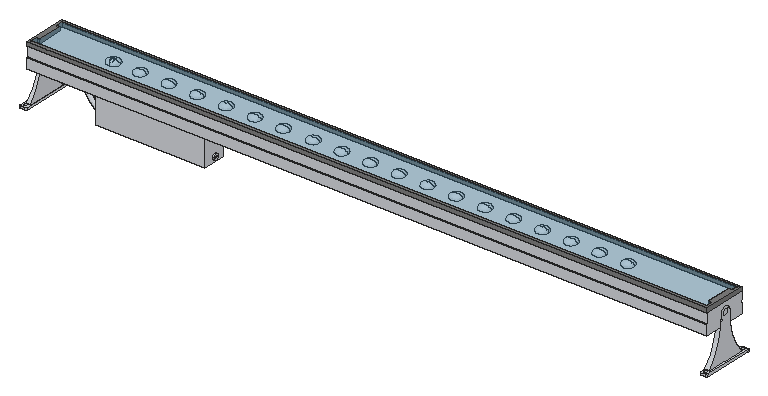
Revit family "SUPER LINEAL RGBW 100CM_LKA1220.22", category Luminarias, Revit 2019
Family settings
  Cota de conector redondo = Diámetro de uso
  Tipo de pieza = Normal
  Se basa en plano de trabajo = Sí
  Siempre vertical = No
  Corte con vacíos al cargar = No
  Origen de luz = Sí
  Compartido = No
  Punto de cálculo de habitación = No
Parameters (values of type "REFL_LKA1220.22")
  Ángulo de inclinación = 22.00°
  Ángulo de enfoque = 22.00°
  Ángulo de campo de foco = 22.00°
  Zone [instance] = ""
  Watt per fixture = 96
  Wattage = 96 W
  built-in parameter 1150107 = 3000 (stored number, unit not read)
  built-in parameter 1150110 = 1 (stored number, unit not read)
  built-in parameter 1150109 = 1 (stored number, unit not read)
  built-in parameter 1150112 = 1 (stored number, unit not read)
  built-in parameter 1150113 = 1 (stored number, unit not read)
  built-in parameter 1114218 = 1 (stored number, unit not read)
  Keynote = ""
  built-in parameter 1150137 = (empty or 0)
  built-in parameter 1150132 = (empty or 0)
  Modelo = "LKA1220.22"
  Lámpara = "OSRAM"
  Longitud de símbolo de origen de luz = 500 mm
  Longitud de línea de emisión = 1000 mm
  built-in parameter 1150105 = 171064.1 (stored number, unit not read)
  built-in parameter 1150102 = (empty or 0)
  built-in parameter 1150106 = 1710.6 (stored number, unit not read)
  Lumens = 14260 lm
  Color Filter = 16777215
  built-in parameter 1114217 = 1 (stored number, unit not read)
  built-in parameter 1150139 = (empty or 0)
  Fabricante = "BRILLANT"
  Default Elevation = 0 mm
  built-in parameter 1150104 = 13.8 (stored number, unit not read)
  Descripción = "LUMINARIA TIPO REFLECTOR LINEAL, WALL WASHER , CUERPO DE ALUMINIO EXTRUIDO CON POLVO GRIS, VIDRIO TEMPLADO DE 3MM ADEMAS DEL SELLADO CON SILICON EN VIDRIO Y HOUSING, CUENTA CON 20 LED TIPO R=1000mA G=1000mA B=1000Ma W=1000mA  CON UN CONSUMO TOTAL DE 96W, 3523 LUMENES, RGBW, IP 65, IK 05, CABLE H05RN DE 0.5M, APERTURA EN STOCK DE 22 GRADOS, ALIMENTADA A 24V. REQUIERE ACCESORIOS."
  built-in parameter 1150115 = 1 (stored number, unit not read)
  built-in parameter 1150114 = 1 (stored number, unit not read)
  Comentarios de vataje = "24V"
  built-in parameter 1150138 = (empty or 0)
  built-in parameter 1150134 = (empty or 0)
  Circuit [instance] = ""
  Dimming Lamp Color Temperature Shift = 1
  built-in parameter 1150133 = 10 (stored number, unit not read)
Reference planes
  plane 1 "Centro (Frontal/Posterior)": y = 0
  plane 2: z = 0
  plane 3 "Centro (Izquierda/Derecha)": x = 0
  plane 4: x = -500
  plane 5: x = 500
  plane 6: z = 86
  plane 7: z = 3
  plane 8: x = 0
Forms (mm)
  Extrusion 1, solid
    sketch origin (0, 0, 0) x (1, 0, 0) y (0, 1, 0)
      loop
        arc (-495.182, -38.75) -> (-493.931, -38.232) -> (-493.412, -36.98) r 1.77
        line (-493.412, -36.98) -> (-493.412, 36.98)
        arc (-493.412, 36.98) -> (-493.931, 38.232) -> (-495.182, 38.75) r 1.77
        line (-495.182, 38.75) -> (-501.643, 38.75)
        arc (-501.643, 38.75) -> (-502.894, 38.232) -> (-503.412, 36.98) r 1.77
        line (-503.412, 36.98) -> (-503.412, -36.98)
        arc (-503.412, -36.98) -> (-502.894, -38.232) -> (-501.643, -38.75) r 1.77
        line (-501.643, -38.75) -> (-495.182, -38.75)
      loop
        circle (-498.412, -33.75) r 2.617
      loop
        circle (-498.412, 33.75) r 2.617
      loop
        line (495.182, -38.75) -> (501.643, -38.75)
        arc (501.643, -38.75) -> (502.894, -38.232) -> (503.412, -36.98) r 1.77
        line (503.412, -36.98) -> (503.412, 36.98)
        arc (503.412, 36.98) -> (502.894, 38.232) -> (501.643, 38.75) r 1.77
        line (501.643, 38.75) -> (495.182, 38.75)
        arc (495.182, 38.75) -> (493.931, 38.232) -> (493.412, 36.98) r 1.77
        line (493.412, 36.98) -> (493.412, -36.98)
        arc (493.412, -36.98) -> (493.931, -38.232) -> (495.182, -38.75) r 1.77
      loop
        circle (498.412, -33.75) r 2.617
      loop
        circle (498.412, 33.75) r 2.617
    from 0 to 3
  Extrusion 2, solid
    sketch origin (0, 0, 57.505) x (0, -1, 0) y (0, 0, -1)
      loop
        circle (0, -9.725) r 5
      loop
        arc (-7.232, -9.725) -> (0, -16.957) -> (7.232, -9.725) r 7.232
        arc (7.232, -9.725) -> (12.387, 24.386) -> (29.21, 54.505) r 96.512
        line (29.21, 54.505) -> (0.469, 54.505) -> (0.469, 19.505) -> (-0.469, 19.505) -> (-0.469, 54.505) -> (-29.21, 54.505)
        arc (-29.21, 54.505) -> (-12.387, 24.386) -> (-7.232, -9.725) r 96.512
    from 493.412 to 500
  Extrusion 3, solid, material "Cristal"
    sketch origin (0, 0, 0) x (1, 0, 0) y (0, 1, 0)
      loop
        line (-495, 28.5) -> (-495, 18.5) -> (-490, 18.5) -> (-490, -18.5) -> (-495, -18.5) -> (-495, -28.5) -> (495, -28.5) -> (495, -18.5) -> (490, -18.5) -> (490, 18.5) -> (495, 18.5) -> (495, 28.5) -> (-495, 28.5)
    from 86 to 85.337
  Revolve 4, solid
    sketch origin (0, 0, 1.84) x (1, 0, 0) y (0, 0, 1)
      loop
        line (105.714, 83.128) -> (105.714, 78.128) -> (114.371, 78.128)
        spline (114.371, 78.128) -> (114.297, 78.781) -> (114.076, 79.422) -> (113.712, 80.042) -> (113.211, 80.628) -> (112.582, 81.172) -> (111.835, 81.664) -> (110.984, 82.095) -> (110.043, 82.458) -> (109.027, 82.748) -> (107.955, 82.958) -> (106.844, 83.085) -> (105.714, 83.128)
      axis (105.714, 78.128) -> (105.714, 83.128)
    angle from 0 to 360
  Revolve 5, solid
    sketch origin (-42, 0, 1.84) x (1, 0, 0) y (0, 0, 1)
      loop
        line (105.714, 83.128) -> (105.714, 78.128) -> (114.371, 78.128)
        spline (114.371, 78.128) -> (114.297, 78.781) -> (114.076, 79.422) -> (113.712, 80.042) -> (113.211, 80.628) -> (112.582, 81.172) -> (111.835, 81.664) -> (110.984, 82.095) -> (110.043, 82.458) -> (109.027, 82.748) -> (107.955, 82.958) -> (106.844, 83.085) -> (105.714, 83.128)
      axis (105.714, 78.128) -> (105.714, 83.128)
    angle from 0 to 360
  Revolve 6, solid
    sketch origin (-84, 0, 1.84) x (1, 0, 0) y (0, 0, 1)
      loop
        line (105.714, 83.128) -> (105.714, 78.128) -> (114.371, 78.128)
        spline (114.371, 78.128) -> (114.297, 78.781) -> (114.076, 79.422) -> (113.712, 80.042) -> (113.211, 80.628) -> (112.582, 81.172) -> (111.835, 81.664) -> (110.984, 82.095) -> (110.043, 82.458) -> (109.027, 82.748) -> (107.955, 82.958) -> (106.844, 83.085) -> (105.714, 83.128)
      axis (105.714, 78.128) -> (105.714, 83.128)
    angle from 0 to 360
  Revolve 7, solid
    sketch origin (-126, 0, 1.84) x (1, 0, 0) y (0, 0, 1)
      loop
        line (105.714, 83.128) -> (105.714, 78.128) -> (114.371, 78.128)
        spline (114.371, 78.128) -> (114.297, 78.781) -> (114.076, 79.422) -> (113.712, 80.042) -> (113.211, 80.628) -> (112.582, 81.172) -> (111.835, 81.664) -> (110.984, 82.095) -> (110.043, 82.458) -> (109.027, 82.748) -> (107.955, 82.958) -> (106.844, 83.085) -> (105.714, 83.128)
      axis (105.714, 78.128) -> (105.714, 83.128)
    angle from 0 to 360
  Revolve 8, solid
    sketch origin (-168, 0, 1.84) x (1, 0, 0) y (0, 0, 1)
      loop
        line (105.714, 83.128) -> (105.714, 78.128) -> (114.371, 78.128)
        spline (114.371, 78.128) -> (114.297, 78.781) -> (114.076, 79.422) -> (113.712, 80.042) -> (113.211, 80.628) -> (112.582, 81.172) -> (111.835, 81.664) -> (110.984, 82.095) -> (110.043, 82.458) -> (109.027, 82.748) -> (107.955, 82.958) -> (106.844, 83.085) -> (105.714, 83.128)
      axis (105.714, 78.128) -> (105.714, 83.128)
    angle from 0 to 360
  Revolve 9, solid
    sketch origin (-210, 0, 1.84) x (1, 0, 0) y (0, 0, 1)
      loop
        line (105.714, 83.128) -> (105.714, 78.128) -> (114.371, 78.128)
        spline (114.371, 78.128) -> (114.297, 78.781) -> (114.076, 79.422) -> (113.712, 80.042) -> (113.211, 80.628) -> (112.582, 81.172) -> (111.835, 81.664) -> (110.984, 82.095) -> (110.043, 82.458) -> (109.027, 82.748) -> (107.955, 82.958) -> (106.844, 83.085) -> (105.714, 83.128)
      axis (105.714, 78.128) -> (105.714, 83.128)
    angle from 0 to 360
  Extrusion 10, solid
    sketch origin (-88.161, 0, 0) x (1, 0, 0) y (0, 1, 0)
      loop
        circle (-352, 0) r 7.477
    from 46.607 to 49.683
  Extrusion 11, solid
    sketch origin (-338.161, 0, 0) x (1, 0, 0) y (0, 1, 0)
      loop
        line (-102, 7.477) -> (-108.476, 3.739) -> (-108.476, -3.739) -> (-102, -7.477) -> (-95.524, -3.739) -> (-95.524, 3.739) -> (-102, 7.477)
    from 43.841 to 46.607
  Extrusion 12, solid
    sketch origin (0, 0, 0) x (1, 0, 0) y (0, 1, 0)
      loop
        line (-498.412, 32.016) -> (-498.412, -32.654) -> (498.545, -32.654) -> (498.545, 32.016) -> (-498.412, 32.016)
    from 49.683 to 79.969
  Revolve 13, solid
    sketch origin (-252, 0, 1.84) x (1, 0, 0) y (0, 0, 1)
      loop
        line (-144.286, 83.128) -> (-144.286, 78.128) -> (-135.629, 78.128)
        spline (-135.629, 78.128) -> (-135.703, 78.781) -> (-135.924, 79.422) -> (-136.288, 80.042) -> (-136.789, 80.628) -> (-137.418, 81.172) -> (-138.165, 81.664) -> (-139.016, 82.095) -> (-139.957, 82.458) -> (-140.973, 82.748) -> (-142.045, 82.958) -> (-143.156, 83.085) -> (-144.286, 83.128)
      axis (-144.286, 78.128) -> (-144.286, 83.128)
    angle from 0 to 360
  Extrusion 14, void
    sketch origin (0, 0, 0) x (0, 1, 0) y (0, 0, 1)
      loop
        line (-32.654, 79.969) -> (-32.654, 64.191) -> (-29.884, 64.191) -> (-29.884, 79.969) -> (-32.654, 79.969)
      loop
        line (32.654, 69.191) -> (29.884, 69.191) -> (29.884, 64.191) -> (32.654, 64.191) -> (32.654, 69.191)
    from -500 to 500
  Extrusion 15, solid
    sketch origin (0, 0, 57.505) x (0, -1, 0) y (0, 0, 1)
      loop
        circle (0, 9.725) r 5
      loop
        arc (-7.232, 9.725) -> (-12.387, -24.386) -> (-29.21, -54.505) r 96.512
        line (-29.21, -54.505) -> (-0.469, -54.505) -> (-0.469, -19.505) -> (0.469, -19.505) -> (0.469, -54.505) -> (29.21, -54.505)
        arc (29.21, -54.505) -> (12.387, -24.386) -> (7.232, 9.725) r 96.512
        arc (7.232, 9.725) -> (0, 16.957) -> (-7.232, 9.725) r 7.232
    from 495 to 500
  Extrusion 16, solid
    sketch origin (0, 0, 0) x (1, 0, 0) y (0, 1, 0)
      loop
        line (-409.783, 16) -> (-409.783, -16) -> (-249.976, -16) -> (-249.976, 16) -> (-409.783, 16)
    from 0 to 39.513
  Extrusion 17, void
    sketch origin (0, 0, 0) x (1, 0, 0) y (0, 1, 0)
      loop
        line (-409.783, 12.695) -> (-409.783, 11.445) -> (-361.686, 11.445) -> (-361.686, 12.695) -> (-409.783, 12.695)
      loop
        line (-409.783, 8.945) -> (-409.783, 7.695) -> (-361.686, 7.695) -> (-361.686, 8.945) -> (-409.783, 8.945)
      loop
        line (-409.783, 5.195) -> (-409.783, 3.945) -> (-361.686, 3.945) -> (-361.686, 5.195) -> (-409.783, 5.195)
      loop
        line (-409.783, -12.695) -> (-361.686, -12.695) -> (-361.686, -11.445) -> (-409.783, -11.445) -> (-409.783, -12.695)
      loop
        line (-409.783, -8.945) -> (-361.686, -8.945) -> (-361.686, -7.695) -> (-409.783, -7.695) -> (-409.783, -8.945)
      loop
        line (-409.783, -5.195) -> (-361.686, -5.195) -> (-361.686, -3.945) -> (-409.783, -3.945) -> (-409.783, -5.195)
      loop
        line (-249.976, 12.695) -> (-298.073, 12.695) -> (-298.073, 11.445) -> (-249.976, 11.445) -> (-249.976, 12.695)
      loop
        line (-249.976, 8.945) -> (-298.073, 8.945) -> (-298.073, 7.695) -> (-249.976, 7.695) -> (-249.976, 8.945)
      loop
        line (-249.976, 5.195) -> (-298.073, 5.195) -> (-298.073, 3.945) -> (-249.976, 3.945) -> (-249.976, 5.195)
      loop
        line (-249.976, -12.695) -> (-249.976, -11.445) -> (-298.073, -11.445) -> (-298.073, -12.695) -> (-249.976, -12.695)
      loop
        line (-249.976, -8.945) -> (-249.976, -7.695) -> (-298.073, -7.695) -> (-298.073, -8.945) -> (-249.976, -8.945)
      loop
        line (-249.976, -5.195) -> (-249.976, -3.945) -> (-298.073, -3.945) -> (-298.073, -5.195) -> (-249.976, -5.195)
    from 37.886 to 39.513
  Extrusion 18, solid
    sketch origin (0, 0, 0) x (0, 1, 0) y (0, 0, 1)
      loop
        circle (0, 8.771) r 3.442
      loop
        line (2.746, 10.356) -> (0, 11.942) -> (-2.746, 10.356) -> (-2.746, 7.185) -> (0, 5.6) -> (2.746, 7.185) -> (2.746, 10.356)
    from -413.671 to -409.783
  Extrusion 19, solid
    sketch origin (-374.541, 0, 0) x (0, 1, 0) y (0, 0, -1)
      loop
        circle (0, -8.771) r 3.442
      loop
        line (2.746, -10.356) -> (2.746, -7.185) -> (0, -5.6) -> (-2.746, -7.185) -> (-2.746, -10.356) -> (0, -11.942) -> (2.746, -10.356)
    from -128.252 to -124.565
  Sweep 20, solid
    path origin (15.428, 0, 13.216) x (1, 0, 0) y (0, 0, 1)
      loop
        arc (-438.601, 37.696) -> (-433.417, 21.627) -> (-420.773, 10.436) r 31.987
    profile origin (-417.989, 0, 34.843) x (0.836903, 0, 0.547351) y (0, -1, 0)
      loop
        circle (-16.782, 0) r 3.712
  Extrusion 21, solid, material "Aluminio"
    sketch origin (0, 0, 0) x (1, 0, 0) y (0, 1, 0)
      loop
        line (-498.412, 32.016) -> (-498.412, -32.654) -> (498.545, -32.654) -> (498.545, 32.016) -> (-498.412, 32.016)
      loop
        line (-495, 28.5) -> (-495, 18.5) -> (-490, 18.5) -> (-490, -18.5) -> (-495, -18.5) -> (-495, -28.5) -> (495, -28.5) -> (495, -18.5) -> (490, -18.5) -> (490, 18.5) -> (495, 18.5) -> (495, 28.5) -> (-495, 28.5)
    from 79.969 to 86
  Revolve 22, solid
    sketch origin (84, 0, 1.84) x (1, 0, 0) y (0, 0, 1)
      loop
        line (105.714, 83.128) -> (105.714, 78.128) -> (114.371, 78.128)
        spline (114.371, 78.128) -> (114.297, 78.781) -> (114.076, 79.422) -> (113.712, 80.042) -> (113.211, 80.628) -> (112.582, 81.172) -> (111.835, 81.664) -> (110.984, 82.095) -> (110.043, 82.458) -> (109.027, 82.748) -> (107.955, 82.958) -> (106.844, 83.085) -> (105.714, 83.128)
      axis (105.714, 78.128) -> (105.714, 83.128)
    angle from 0 to 360
  Revolve 23, solid
    sketch origin (42, 0, 1.84) x (1, 0, 0) y (0, 0, 1)
      loop
        line (105.714, 83.128) -> (105.714, 78.128) -> (114.371, 78.128)
        spline (114.371, 78.128) -> (114.297, 78.781) -> (114.076, 79.422) -> (113.712, 80.042) -> (113.211, 80.628) -> (112.582, 81.172) -> (111.835, 81.664) -> (110.984, 82.095) -> (110.043, 82.458) -> (109.027, 82.748) -> (107.955, 82.958) -> (106.844, 83.085) -> (105.714, 83.128)
      axis (105.714, 78.128) -> (105.714, 83.128)
    angle from 0 to 360
  Revolve 24, solid
    sketch origin (168, 0, 1.84) x (1, 0, 0) y (0, 0, 1)
      loop
        line (105.714, 83.128) -> (105.714, 78.128) -> (114.371, 78.128)
        spline (114.371, 78.128) -> (114.297, 78.781) -> (114.076, 79.422) -> (113.712, 80.042) -> (113.211, 80.628) -> (112.582, 81.172) -> (111.835, 81.664) -> (110.984, 82.095) -> (110.043, 82.458) -> (109.027, 82.748) -> (107.955, 82.958) -> (106.844, 83.085) -> (105.714, 83.128)
      axis (105.714, 78.128) -> (105.714, 83.128)
    angle from 0 to 360
  Revolve 25, solid
    sketch origin (126, 0, 1.84) x (1, 0, 0) y (0, 0, 1)
      loop
        line (105.714, 83.128) -> (105.714, 78.128) -> (114.371, 78.128)
        spline (114.371, 78.128) -> (114.297, 78.781) -> (114.076, 79.422) -> (113.712, 80.042) -> (113.211, 80.628) -> (112.582, 81.172) -> (111.835, 81.664) -> (110.984, 82.095) -> (110.043, 82.458) -> (109.027, 82.748) -> (107.955, 82.958) -> (106.844, 83.085) -> (105.714, 83.128)
      axis (105.714, 78.128) -> (105.714, 83.128)
    angle from 0 to 360
  Revolve 26, solid
    sketch origin (252, 0, 1.84) x (1, 0, 0) y (0, 0, 1)
      loop
        line (105.714, 83.128) -> (105.714, 78.128) -> (114.371, 78.128)
        spline (114.371, 78.128) -> (114.297, 78.781) -> (114.076, 79.422) -> (113.712, 80.042) -> (113.211, 80.628) -> (112.582, 81.172) -> (111.835, 81.664) -> (110.984, 82.095) -> (110.043, 82.458) -> (109.027, 82.748) -> (107.955, 82.958) -> (106.844, 83.085) -> (105.714, 83.128)
      axis (105.714, 78.128) -> (105.714, 83.128)
    angle from 0 to 360
  Revolve 27, solid
    sketch origin (210, 0, 1.84) x (1, 0, 0) y (0, 0, 1)
      loop
        line (105.714, 83.128) -> (105.714, 78.128) -> (114.371, 78.128)
        spline (114.371, 78.128) -> (114.297, 78.781) -> (114.076, 79.422) -> (113.712, 80.042) -> (113.211, 80.628) -> (112.582, 81.172) -> (111.835, 81.664) -> (110.984, 82.095) -> (110.043, 82.458) -> (109.027, 82.748) -> (107.955, 82.958) -> (106.844, 83.085) -> (105.714, 83.128)
      axis (105.714, 78.128) -> (105.714, 83.128)
    angle from 0 to 360
  Revolve 28, solid
    sketch origin (-42, 0, 1.84) x (-1, 0, 0) y (0, 0, 1)
      loop
        line (355.714, 83.128) -> (355.714, 78.128) -> (364.371, 78.128)
        spline (364.371, 78.128) -> (364.297, 78.781) -> (364.076, 79.422) -> (363.712, 80.042) -> (363.211, 80.628) -> (362.582, 81.172) -> (361.835, 81.664) -> (360.984, 82.095) -> (360.043, 82.458) -> (359.027, 82.748) -> (357.955, 82.958) -> (356.844, 83.085) -> (355.714, 83.128)
      axis (355.714, 78.128) -> (355.714, 83.128)
    angle from 0 to 360
  Revolve 29, solid
    sketch origin (-84, 0, 1.84) x (-1, 0, 0) y (0, 0, 1)
      loop
        line (105.714, 83.128) -> (105.714, 78.128) -> (114.371, 78.128)
        spline (114.371, 78.128) -> (114.297, 78.781) -> (114.076, 79.422) -> (113.712, 80.042) -> (113.211, 80.628) -> (112.582, 81.172) -> (111.835, 81.664) -> (110.984, 82.095) -> (110.043, 82.458) -> (109.027, 82.748) -> (107.955, 82.958) -> (106.844, 83.085) -> (105.714, 83.128)
      axis (105.714, 78.128) -> (105.714, 83.128)
    angle from 0 to 360
  Revolve 30, solid
    sketch origin (-42, 0, 1.84) x (-1, 0, 0) y (0, 0, 1)
      loop
        line (105.714, 83.128) -> (105.714, 78.128) -> (114.371, 78.128)
        spline (114.371, 78.128) -> (114.297, 78.781) -> (114.076, 79.422) -> (113.712, 80.042) -> (113.211, 80.628) -> (112.582, 81.172) -> (111.835, 81.664) -> (110.984, 82.095) -> (110.043, 82.458) -> (109.027, 82.748) -> (107.955, 82.958) -> (106.844, 83.085) -> (105.714, 83.128)
      axis (105.714, 78.128) -> (105.714, 83.128)
    angle from 0 to 360
  Revolve 31, solid
    sketch origin (-168, 0, 1.84) x (-1, 0, 0) y (0, 0, 1)
      loop
        line (105.714, 83.128) -> (105.714, 78.128) -> (114.371, 78.128)
        spline (114.371, 78.128) -> (114.297, 78.781) -> (114.076, 79.422) -> (113.712, 80.042) -> (113.211, 80.628) -> (112.582, 81.172) -> (111.835, 81.664) -> (110.984, 82.095) -> (110.043, 82.458) -> (109.027, 82.748) -> (107.955, 82.958) -> (106.844, 83.085) -> (105.714, 83.128)
      axis (105.714, 78.128) -> (105.714, 83.128)
    angle from 0 to 360
  Revolve 32, solid
    sketch origin (-126, 0, 1.84) x (-1, 0, 0) y (0, 0, 1)
      loop
        line (105.714, 83.128) -> (105.714, 78.128) -> (114.371, 78.128)
        spline (114.371, 78.128) -> (114.297, 78.781) -> (114.076, 79.422) -> (113.712, 80.042) -> (113.211, 80.628) -> (112.582, 81.172) -> (111.835, 81.664) -> (110.984, 82.095) -> (110.043, 82.458) -> (109.027, 82.748) -> (107.955, 82.958) -> (106.844, 83.085) -> (105.714, 83.128)
      axis (105.714, 78.128) -> (105.714, 83.128)
    angle from 0 to 360
  Revolve 33, solid
    sketch origin (-252, 0, 1.84) x (-1, 0, 0) y (0, 0, 1)
      loop
        line (105.714, 83.128) -> (105.714, 78.128) -> (114.371, 78.128)
        spline (114.371, 78.128) -> (114.297, 78.781) -> (114.076, 79.422) -> (113.712, 80.042) -> (113.211, 80.628) -> (112.582, 81.172) -> (111.835, 81.664) -> (110.984, 82.095) -> (110.043, 82.458) -> (109.027, 82.748) -> (107.955, 82.958) -> (106.844, 83.085) -> (105.714, 83.128)
      axis (105.714, 78.128) -> (105.714, 83.128)
    angle from 0 to 360
  Revolve 34, solid
    sketch origin (-210, 0, 1.84) x (-1, 0, 0) y (0, 0, 1)
      loop
        line (105.714, 83.128) -> (105.714, 78.128) -> (114.371, 78.128)
        spline (114.371, 78.128) -> (114.297, 78.781) -> (114.076, 79.422) -> (113.712, 80.042) -> (113.211, 80.628) -> (112.582, 81.172) -> (111.835, 81.664) -> (110.984, 82.095) -> (110.043, 82.458) -> (109.027, 82.748) -> (107.955, 82.958) -> (106.844, 83.085) -> (105.714, 83.128)
      axis (105.714, 78.128) -> (105.714, 83.128)
    angle from 0 to 360
Cuts and joins
  Extrusion 14 cuts Extrusion 12
  Extrusion 17 cuts Extrusion 16
Dimensions and locks
  equal spacing: plane 4, plane 3 "Centro (Izquierda/Derecha)", plane 5
  plane 4 to plane 5 = 1000 mm
  plane 4 to plane 3 "Centro (Izquierda/Derecha)" = 500 mm
  plane 6 to plane 2 = 86 mm
  plane 6 to level = 86 mm
  plane 7 to level = 3 mm
  locked: Extrusion 18 to Extrusion 18 at 3.888
  cut or joined group of Extrusion 16, Extrusion 17 to cut or joined group of Extrusion 16, Extrusion 17 = 159.807 mm
  cut or joined group of Extrusion 16, Extrusion 17 to cut or joined group of Extrusion 16, Extrusion 17 = 39.513 mm
  Extrusion 3 to level = 85.337 mm
  aligned and locked: level to plane 2
  aligned and locked: plane 7 to Extrusion 1
  aligned and locked: Extrusion 14 to plane 4
  aligned and locked: plane 5 to Extrusion 14
  aligned and locked: plane 5 to Extrusion 2
  aligned and locked: Extrusion 18 to cut or joined group of Extrusion 16, Extrusion 17
  aligned and locked: Extrusion 17 to Extrusion 16
  aligned and locked: Extrusion 21 sketch curve to cut or joined group of Extrusion 12, Extrusion 14  (x4)
  aligned and locked: Extrusion 21 sketch curve to Extrusion 3  (x3)
  aligned and locked: Extrusion 15 to Extrusion 21 sketch curve
  aligned and locked: Extrusion 21 to plane 6
  aligned and locked: Extrusion 21 to cut or joined group of Extrusion 12, Extrusion 14
  aligned and locked: Extrusion 21 to Revolve 4
Automatic sketch dimensions
  Extrusion 1 sketch curve to plane 4 = 3.412 mm
  Extrusion 1 sketch curve to plane 4 = 1.643 mm  (x2)
  plane 4 to Extrusion 1 sketch curve = 1.588 mm  (x2)
  plane 4 to Extrusion 1 sketch curve = 4.818 mm
  Extrusion 1 sketch curve to Extrusion 1 sketch curve = 3.23 mm  (x5)
  Extrusion 1 sketch curve to Extrusion 1 sketch curve = 1.77 mm  (x4)
  Extrusion 1 sketch curve to plane 5 = 6.588 mm
  Extrusion 1 sketch curve to plane 5 = 1.588 mm  (x2)
  plane 5 to Extrusion 1 sketch curve = 1.643 mm  (x2)
  plane 1 "Centro (Frontal/Posterior)" to Extrusion 1 sketch curve = 38.75 mm  (x2)
  Extrusion 1 sketch curve to plane 1 "Centro (Frontal/Posterior)" = 33.75 mm  (x2)
  Extrusion 2 sketch curve to Extrusion 2 sketch curve = 0 mm  (x2)
  Extrusion 2 sketch curve to plane 7 = 0 mm  (x2)
  Extrusion 2 sketch curve to plane 1 "Centro (Frontal/Posterior)" = 0 mm
  Extrusion 2 sketch curve to plane 1 "Centro (Frontal/Posterior)" = 0.469 mm
  Extrusion 2 sketch curve to Extrusion 2 sketch curve = 28.741 mm  (x2)
  Extrusion 2 sketch curve to plane 6 = 21.636 mm  (x2)
  Extrusion 2 sketch curve to Extrusion 2 sketch curve = 74.492 mm
  plane 1 "Centro (Frontal/Posterior)" to Extrusion 2 sketch curve = 0.469 mm
  Extrusion 2 sketch curve to plane 6 = 18.77 mm
  Extrusion 2 sketch curve to Extrusion 2 sketch curve = 29.23 mm
  plane 4 to Extrusion 3 sketch curve = 5 mm  (x2)
  Extrusion 3 sketch curve to Extrusion 3 sketch curve = 5 mm
  Extrusion 3 sketch curve to plane 5 = 10 mm
  Extrusion 3 sketch curve to plane 5 = 5 mm  (x2)
  plane 1 "Centro (Frontal/Posterior)" to Extrusion 3 sketch curve = 28.5 mm
  Extrusion 3 sketch curve to Extrusion 3 sketch curve = 10 mm  (x3)
  Extrusion 3 sketch curve to plane 1 "Centro (Frontal/Posterior)" = 18.5 mm  (x2)
  Revolve 4 sketch curve to plane 6 = 1.031 mm
  plane 3 "Centro (Izquierda/Derecha)" to Revolve 4 sketch curve = 105.714 mm
  Revolve 4 sketch curve to Revolve 4 sketch curve = 0 mm  (x3)
  Revolve 4 sketch curve to Revolve 4 sketch curve = 8.657 mm
  Revolve 4 sketch curve to Revolve 4 sketch curve = 5 mm
  plane 6 to Revolve 4 sketch curve = 15.857 mm
  Revolve 5 sketch curve to plane 6 = 1.031 mm
  plane 3 "Centro (Izquierda/Derecha)" to Revolve 5 sketch curve = 63.714 mm
  Revolve 5 sketch curve to Revolve 5 sketch curve = 0 mm  (x3)
  Revolve 5 sketch curve to Revolve 5 sketch curve = 8.657 mm
  Revolve 5 sketch curve to Revolve 5 sketch curve = 5 mm
  plane 6 to Revolve 5 sketch curve = 15.857 mm
  Revolve 6 sketch curve to plane 6 = 1.031 mm
  plane 3 "Centro (Izquierda/Derecha)" to Revolve 6 sketch curve = 21.714 mm
  Revolve 6 sketch curve to Revolve 6 sketch curve = 0 mm  (x3)
  Revolve 6 sketch curve to Revolve 6 sketch curve = 8.657 mm
  Revolve 6 sketch curve to Revolve 6 sketch curve = 5 mm
  plane 6 to Revolve 6 sketch curve = 15.857 mm
  Revolve 7 sketch curve to plane 6 = 1.031 mm
  Revolve 7 sketch curve to plane 3 "Centro (Izquierda/Derecha)" = 20.286 mm
  Revolve 7 sketch curve to Revolve 7 sketch curve = 0 mm  (x3)
  Revolve 7 sketch curve to Revolve 7 sketch curve = 8.657 mm
  Revolve 7 sketch curve to Revolve 7 sketch curve = 5 mm
  plane 6 to Revolve 7 sketch curve = 15.857 mm
  Revolve 8 sketch curve to plane 6 = 1.031 mm
  Revolve 8 sketch curve to plane 3 "Centro (Izquierda/Derecha)" = 62.286 mm
  Revolve 8 sketch curve to Revolve 8 sketch curve = 0 mm  (x3)
  Revolve 8 sketch curve to Revolve 8 sketch curve = 8.657 mm
  Revolve 8 sketch curve to Revolve 8 sketch curve = 5 mm
  plane 6 to Revolve 8 sketch curve = 15.857 mm
  Revolve 9 sketch curve to plane 6 = 1.031 mm
  Revolve 9 sketch curve to plane 3 "Centro (Izquierda/Derecha)" = 104.286 mm
  Revolve 9 sketch curve to Revolve 9 sketch curve = 0 mm  (x3)
  Revolve 9 sketch curve to Revolve 9 sketch curve = 8.657 mm
  Revolve 9 sketch curve to Revolve 9 sketch curve = 5 mm
  plane 6 to Revolve 9 sketch curve = 15.857 mm
  plane 1 "Centro (Frontal/Posterior)" to Extrusion 10 sketch curve = 0 mm
  plane 4 to Extrusion 10 sketch curve = 59.839 mm
  plane 4 to Extrusion 12 sketch curve = 1.588 mm
  Extrusion 12 sketch curve to plane 5 = 1.455 mm
  plane 1 "Centro (Frontal/Posterior)" to Extrusion 12 sketch curve = 32.654 mm
  Extrusion 12 sketch curve to plane 1 "Centro (Frontal/Posterior)" = 32.016 mm
  Revolve 13 sketch curve to plane 6 = 1.031 mm
  plane 4 to Revolve 13 sketch curve = 103.714 mm
  Revolve 13 sketch curve to Revolve 13 sketch curve = 0 mm  (x3)
  Revolve 13 sketch curve to Revolve 13 sketch curve = 8.657 mm
  Revolve 13 sketch curve to Revolve 13 sketch curve = 5 mm
  plane 6 to Revolve 13 sketch curve = 15.857 mm
  plane 1 "Centro (Frontal/Posterior)" to Extrusion 14 sketch curve = 32.654 mm
  Extrusion 14 sketch curve to Extrusion 14 sketch curve = 2.77 mm  (x2)
  Extrusion 14 sketch curve to plane 1 "Centro (Frontal/Posterior)" = 29.884 mm
  Extrusion 14 sketch curve to plane 6 = 21.809 mm  (x2)
  Extrusion 14 sketch curve to Extrusion 14 sketch curve = 5 mm
  Extrusion 14 sketch curve to plane 6 = 6.031 mm
  Extrusion 15 sketch curve to Extrusion 15 sketch curve = 0 mm  (x2)
  Extrusion 15 sketch curve to plane 7 = 0 mm  (x2)
  Extrusion 15 sketch curve to plane 1 "Centro (Frontal/Posterior)" = 0 mm
  Extrusion 15 sketch curve to plane 1 "Centro (Frontal/Posterior)" = 0.469 mm
  Extrusion 15 sketch curve to Extrusion 15 sketch curve = 28.741 mm  (x2)
  Extrusion 15 sketch curve to plane 6 = 21.636 mm  (x2)
  Extrusion 15 sketch curve to Extrusion 15 sketch curve = 74.492 mm
  plane 1 "Centro (Frontal/Posterior)" to Extrusion 15 sketch curve = 0.469 mm
  Extrusion 15 sketch curve to Extrusion 15 sketch curve = 35 mm
  Extrusion 15 sketch curve to plane 6 = 18.77 mm
  plane 1 "Centro (Frontal/Posterior)" to Extrusion 16 sketch curve = 16 mm
  plane 4 to Extrusion 16 sketch curve = 90.217 mm
  Extrusion 16 sketch curve to Extrusion 16 sketch curve = 159.807 mm
  Extrusion 16 sketch curve to plane 1 "Centro (Frontal/Posterior)" = 16 mm
  Extrusion 17 sketch curve to plane 1 "Centro (Frontal/Posterior)" = 12.695 mm
  plane 4 to Extrusion 17 sketch curve = 90.217 mm
  plane 1 "Centro (Frontal/Posterior)" to Extrusion 17 sketch curve = 3.945 mm  (x2)
  Extrusion 17 sketch curve to Extrusion 17 sketch curve = 0 mm  (x20)
  Extrusion 17 sketch curve to plane 1 "Centro (Frontal/Posterior)" = 3.945 mm  (x2)
  Extrusion 17 sketch curve to Extrusion 17 sketch curve = 48.097 mm  (x2)
  Extrusion 17 sketch curve to Extrusion 17 sketch curve = 63.613 mm
  plane 1 "Centro (Frontal/Posterior)" to Extrusion 17 sketch curve = 12.695 mm
  Extrusion 17 sketch curve to Extrusion 17 sketch curve = 8.75 mm
  Extrusion 17 sketch curve to Extrusion 17 sketch curve = 1.25 mm  (x12)
  Extrusion 17 sketch curve to Extrusion 17 sketch curve = 2.5 mm  (x5)
  Extrusion 18 sketch curve to plane 1 "Centro (Frontal/Posterior)" = 0 mm  (x3)
  plane 1 "Centro (Frontal/Posterior)" to Extrusion 18 sketch curve = 2.746 mm
  Extrusion 18 sketch curve to plane 1 "Centro (Frontal/Posterior)" = 2.746 mm
  plane 7 to Extrusion 18 sketch curve = 2.6 mm
  Extrusion 18 sketch curve to Extrusion 18 sketch curve = 1.585 mm  (x6)
  Extrusion 19 sketch curve to plane 1 "Centro (Frontal/Posterior)" = 0 mm  (x3)
  plane 1 "Centro (Frontal/Posterior)" to Extrusion 19 sketch curve = 2.746 mm
  Extrusion 19 sketch curve to plane 1 "Centro (Frontal/Posterior)" = 2.746 mm
  plane 7 to Extrusion 19 sketch curve = 8.942 mm
  Extrusion 19 sketch curve to Extrusion 19 sketch curve = 1.585 mm  (x4)
  Extrusion 19 sketch curve to Extrusion 19 sketch curve = 3.171 mm
  plane 7 to Extrusion 19 sketch curve = 2.6 mm
  Sweep 20 sketch curve to plane 6 = 33.649 mm
  plane 4 to Sweep 20 sketch curve = 108.781 mm
  Sweep 20 sketch curve to Sweep 20 sketch curve = 14.126 mm
  Sweep 20 sketch curve to Sweep 20 sketch curve = 31.954 mm
  Sweep 20 sketch curve to Sweep 20 sketch curve = 1.438 mm
  Sweep 20 sketch curve to profile plane = 0 mm
  profile plane to Sweep 20 sketch curve = 16.782 mm
  plane 4 to Extrusion 21 sketch curve = 5 mm
  Extrusion 21 sketch curve to Extrusion 21 sketch curve = 5 mm
  Extrusion 21 sketch curve to plane 5 = 10 mm
  Extrusion 21 sketch curve to Extrusion 21 sketch curve = 3.545 mm
  Extrusion 21 sketch curve to plane 5 = 5 mm
  Extrusion 21 sketch curve to Extrusion 21 sketch curve = 10 mm  (x3)
  Revolve 22 sketch curve to plane 6 = 1.031 mm
  plane 3 "Centro (Izquierda/Derecha)" to Revolve 22 sketch curve = 189.714 mm
  Revolve 22 sketch curve to Revolve 22 sketch curve = 0 mm  (x3)
  Revolve 22 sketch curve to Revolve 22 sketch curve = 8.657 mm
  Revolve 22 sketch curve to Revolve 22 sketch curve = 5 mm
  plane 6 to Revolve 22 sketch curve = 15.857 mm
  Revolve 23 sketch curve to plane 6 = 1.031 mm
  plane 3 "Centro (Izquierda/Derecha)" to Revolve 23 sketch curve = 147.714 mm
  Revolve 23 sketch curve to Revolve 23 sketch curve = 0 mm  (x3)
  Revolve 23 sketch curve to Revolve 23 sketch curve = 8.657 mm
  Revolve 23 sketch curve to Revolve 23 sketch curve = 5 mm
  plane 6 to Revolve 23 sketch curve = 15.857 mm
  Revolve 24 sketch curve to plane 6 = 1.031 mm
  Revolve 24 sketch curve to plane 5 = 226.286 mm
  Revolve 24 sketch curve to Revolve 24 sketch curve = 0 mm  (x3)
  Revolve 24 sketch curve to Revolve 24 sketch curve = 8.657 mm
  Revolve 24 sketch curve to Revolve 24 sketch curve = 5 mm
  plane 6 to Revolve 24 sketch curve = 15.857 mm
  Revolve 25 sketch curve to plane 6 = 1.031 mm
  plane 3 "Centro (Izquierda/Derecha)" to Revolve 25 sketch curve = 231.714 mm
  Revolve 25 sketch curve to Revolve 25 sketch curve = 0 mm  (x3)
  Revolve 25 sketch curve to Revolve 25 sketch curve = 8.657 mm
  Revolve 25 sketch curve to Revolve 25 sketch curve = 5 mm
  plane 6 to Revolve 25 sketch curve = 15.857 mm
  Revolve 26 sketch curve to plane 6 = 1.031 mm
  Revolve 26 sketch curve to plane 5 = 142.286 mm
  Revolve 26 sketch curve to Revolve 26 sketch curve = 0 mm  (x3)
  Revolve 26 sketch curve to Revolve 26 sketch curve = 8.657 mm
  Revolve 26 sketch curve to Revolve 26 sketch curve = 5 mm
  plane 6 to Revolve 26 sketch curve = 15.857 mm
  Revolve 27 sketch curve to plane 6 = 1.031 mm
  Revolve 27 sketch curve to plane 5 = 184.286 mm
  Revolve 27 sketch curve to Revolve 27 sketch curve = 0 mm  (x3)
  Revolve 27 sketch curve to Revolve 27 sketch curve = 8.657 mm
  Revolve 27 sketch curve to Revolve 27 sketch curve = 5 mm
  plane 6 to Revolve 27 sketch curve = 15.857 mm
  plane 6 to Revolve 28 sketch curve = 1.031 mm
  Revolve 28 sketch curve to plane 4 = 102.286 mm
  Revolve 28 sketch curve to Revolve 28 sketch curve = 0 mm  (x3)
  Revolve 28 sketch curve to Revolve 28 sketch curve = 8.657 mm
  Revolve 28 sketch curve to Revolve 28 sketch curve = 5 mm
  Revolve 28 sketch curve to plane 6 = 15.857 mm
  plane 6 to Revolve 29 sketch curve = 1.031 mm
  plane 3 "Centro (Izquierda/Derecha)" to Revolve 29 sketch curve = 189.714 mm
  Revolve 29 sketch curve to Revolve 29 sketch curve = 0 mm  (x3)
  Revolve 29 sketch curve to Revolve 29 sketch curve = 8.657 mm
  Revolve 29 sketch curve to Revolve 29 sketch curve = 5 mm
  Revolve 29 sketch curve to plane 6 = 15.857 mm
  plane 6 to Revolve 30 sketch curve = 1.031 mm
  plane 3 "Centro (Izquierda/Derecha)" to Revolve 30 sketch curve = 147.714 mm
  Revolve 30 sketch curve to Revolve 30 sketch curve = 0 mm  (x3)
  Revolve 30 sketch curve to Revolve 30 sketch curve = 8.657 mm
  Revolve 30 sketch curve to Revolve 30 sketch curve = 5 mm
  Revolve 30 sketch curve to plane 6 = 15.857 mm
  plane 6 to Revolve 31 sketch curve = 1.031 mm
  Revolve 31 sketch curve to plane 4 = 226.286 mm
  Revolve 31 sketch curve to Revolve 31 sketch curve = 0 mm  (x3)
  Revolve 31 sketch curve to Revolve 31 sketch curve = 8.657 mm
  Revolve 31 sketch curve to Revolve 31 sketch curve = 5 mm
  Revolve 31 sketch curve to plane 6 = 15.857 mm
  plane 6 to Revolve 32 sketch curve = 1.031 mm
  plane 3 "Centro (Izquierda/Derecha)" to Revolve 32 sketch curve = 231.714 mm
  Revolve 32 sketch curve to Revolve 32 sketch curve = 0 mm  (x3)
  Revolve 32 sketch curve to Revolve 32 sketch curve = 8.657 mm
  Revolve 32 sketch curve to Revolve 32 sketch curve = 5 mm
  Revolve 32 sketch curve to plane 6 = 15.857 mm
  plane 6 to Revolve 33 sketch curve = 1.031 mm
  Revolve 33 sketch curve to plane 4 = 142.286 mm
  Revolve 33 sketch curve to Revolve 33 sketch curve = 0 mm  (x3)
  Revolve 33 sketch curve to Revolve 33 sketch curve = 8.657 mm
  Revolve 33 sketch curve to Revolve 33 sketch curve = 5 mm
  Revolve 33 sketch curve to plane 6 = 15.857 mm
  plane 6 to Revolve 34 sketch curve = 1.031 mm
  Revolve 34 sketch curve to plane 4 = 184.286 mm
  Revolve 34 sketch curve to Revolve 34 sketch curve = 0 mm  (x3)
  Revolve 34 sketch curve to Revolve 34 sketch curve = 8.657 mm
  Revolve 34 sketch curve to Revolve 34 sketch curve = 5 mm
  Revolve 34 sketch curve to plane 6 = 15.857 mm
  radius of Extrusion 1 sketch curve = 2.617 mm  (x4)
  radius of Extrusion 2 sketch curve = 5 mm
  radius of Extrusion 10 sketch curve = 7.477 mm
  radius of Extrusion 15 sketch curve = 5 mm
  radius of Extrusion 18 sketch curve = 3.442 mm
  radius of Extrusion 19 sketch curve = 3.442 mm
  radius of Sweep 20 sketch curve = 3.712 mm
Connectors
  electrical at (-246.289, 0, 8.771)
    settings: on Extrusion 19, index 1, voltage 24 V, apparent load 0 VA, apparent load phase1 0 VA, apparent load phase2 0 VA, apparent load phase3 0 VA, power factor 1, load classification "Otro", number of poles 1, system type 31, power factor state 1, is connector primary yes, connector utility no, sub classification motor no, connector description ""
